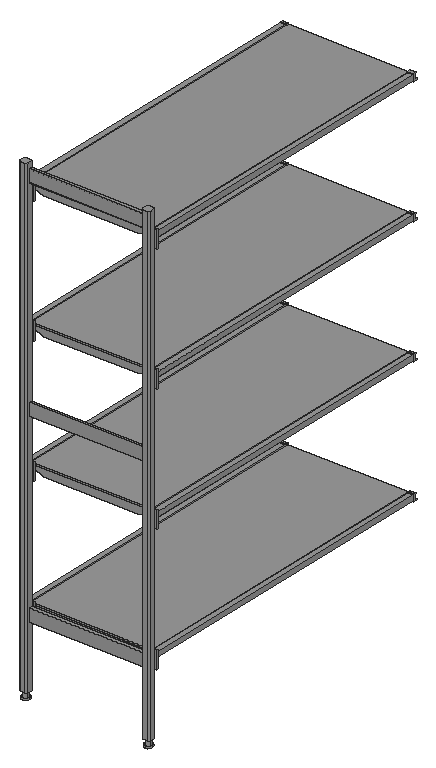
Revit family "QF_ELECTROLUXPROFESSIONAL_137075_CLS1184", category Attrezzature speciali, Revit 2020
Family settings
  Quota connettore circolare = Usa diametro
  Tipo di parte = Normale
  Basato su piano di lavoro = No
  Sempre verticale = Sì
  Taglio con vuoti quando caricato = No
  Condiviso = No
  Punto di calcolo locali = No
Parameters (values of type "Standard")
  Weight = 21.00 kg
  Watts = 0 W
  Volts = 0 V
  URL Manufacturer = "https://www.electroluxprofessional.com/"
  URL = "https://www.electroluxprofessional.com/"
  Steam Supply Size = 0 mm
  Steam Supply Minimum Pressure = 0.0 Pa
  Steam Supply Maximum Pressure = 0.0 Pa
  Steam Consumption per Hour = 0
  Refrigeration Suction Line Size = 0.0 mm
  Refrigeration Liquid Line Size = 0.0 mm
  Refrigerant Compressor Remote = yes
  Prospetto di default = 0.0 mm
  Phase = 0
  Modello = "CLS1184"
  Produttore = "Electrolux Professional"
  Length Actual = 1188.0 mm  # constant formula
  Item Number = "137075"
  Hot Water Size = 0 mm
  Height Actual = 1700.0 mm  # constant formula
  HP = "0 HP"
  Gas Size = 0 mm
  Gas KW = 0
  Gas Input Pressure = 0 W
  Direct Waste Size = 0 mm
  Descrizione = "ALUM.CORNER SHELV.-POLY.TIERS-475X1188MM"
  Depth Actual = 475.0 mm  # constant formula
  Cycle = 0 Hz
  Condensate Return Size = 0 mm
  Compressed Air Volume = 0.0 L/s
  Compressed Air Size = 0 mm
  Compressed Air Pressure = 0.0 Pa
  Cold Water Size = 0 mm
  Accessory = yes
Reference planes
  plane 1: z = 0
  plane 2 "Center (F/B)": y = -163.5
  plane 3 "Front": y = -549.5
  plane 4 "Left": x = -217.5
  plane 5 "Right": x = 257.5
  plane 6 "TOP": z = 1700
  plane 7: y = -517.5
  plane 8: y = 634.5
  plane 9 "Center (Left/Right)": x = 20
  plane 10: y = 629.5
  plane 11: x = -186
  plane 12: x = 226
  plane 13 "FEET": z = 25
  plane 14: z = 275
  plane 15: z = 725
  plane 16: z = 1175
  plane 17: z = 1625
  plane 18 "CXLeft": y = -535.5
  plane 19: x = -200
  plane 20 "CYBack": x = -200
  plane 21 "CYFront": x = 138
  plane 22 "Back": y = 638.5
  plane 23 "LEFT_ORIGIN": x = -251.5
  plane 24 "BACK_Origin": y = 1113.5
Forms (mm)
  Extrusion 1, solid, material "QF_Aluminum"
    sketch origin (0, -549.5, 0) x (-1, 0, 0) y (0, 0, 1)
      loop
        line (198.5, 1650.994) -> (198.5, 1632.998) -> (217.5, 1632.998) -> (217.5, 1650.994) -> (198.5, 1650.994)
      loop
        line (-238.5, 1650.994) -> (-257.5, 1650.994) -> (-257.5, 1632.998) -> (-238.5, 1632.998) -> (-238.5, 1650.994)
      loop
        line (198.5, 1200.994) -> (198.5, 1182.998) -> (217.5, 1182.998) -> (217.5, 1200.994) -> (198.5, 1200.994)
      loop
        line (-238.522, 1200.994) -> (-257.5, 1200.994) -> (-257.5, 1182.998) -> (-238.522, 1182.998) -> (-238.522, 1200.994)
      loop
        line (198.5, 750.994) -> (198.5, 732.998) -> (217.5, 732.998) -> (217.5, 750.994) -> (198.5, 750.994)
      loop
        line (-238.522, 750.994) -> (-257.5, 750.994) -> (-257.5, 732.998) -> (-238.522, 732.998) -> (-238.522, 750.994)
      loop
        line (198.5, 300.994) -> (198.5, 282.998) -> (217.5, 282.998) -> (217.5, 300.994) -> (198.5, 300.994)
      loop
        line (-238.522, 300.994) -> (-257.5, 300.994) -> (-257.5, 282.998) -> (-238.522, 282.998) -> (-238.522, 300.994)
    from 32 to 1184
  Extrusion 2, solid, material "QF_Polyethylene"
    sketch origin (0, -549.5, 0) x (-1, 0, 0) y (0, 0, 1)
      loop
        line (196.507, 1650.994) -> (-236.522, 1650.994) -> (-236.522, 1644.496) -> (196.507, 1644.496) -> (196.507, 1650.994)
      loop
        line (196.507, 1200.994) -> (-236.522, 1200.994) -> (-236.522, 1194.496) -> (196.507, 1194.496) -> (196.507, 1200.994)
      loop
        line (196.507, 750.994) -> (-236.522, 750.994) -> (-236.522, 744.496) -> (196.507, 744.496) -> (196.507, 750.994)
      loop
        line (196.507, 300.994) -> (-236.522, 300.994) -> (-236.522, 294.496) -> (196.507, 294.496) -> (196.507, 300.994)
    from 32 to 1184
Lines and regions (mm)
  symbolic lines
    curve 1: line (-198.5, 634.5, 1700) -> (-198.5, -517.5, 1700)
    curve 2: line (-217.5, -521.5, 1700) -> (-217.5, 634.5, 1700)
    curve 3: line (257.5, -521.5, 1700) -> (257.5, 634.5, 1700)
    curve 4: line (-181.507, -517.5, 1700) -> (221.507, -517.5, 1700)
    curve 5: line (238.522, -517.5, 1700) -> (238.522, 634.5, 1700)
    curve 6: line (-198.5, 634.5, 1700) -> (238.522, 634.5, 1700)
Dimensions and locks
  plane 3 "Front" to plane 2 "Center (F/B)" = 386.0 mm
  locked: plane 6 "TOP" to level at 1700
  locked: plane 4 "Left" to plane 5 "Right" at 475
  locked: plane 7 to plane 8 at 1152
  locked: plane 3 "Front" to plane 7 at 32
  plane 10 to plane 8 = 5.0 mm
  locked: plane 11 to plane 12 at 412
  equal spacing: plane 11, plane 9 "Center (Left/Right)", plane 12
  equal spacing: plane 4 "Left", plane 9 "Center (Left/Right)", plane 5 "Right"
  plane 13 "FEET" to level = 25.0 mm
  plane 6 "TOP" to plane 13 "FEET" = 1675.0 mm
  plane 14 to plane 13 "FEET" = 250.0 mm
  plane 15 to plane 14 = 450.0 mm
  plane 16 to plane 15 = 450.0 mm
  plane 17 to plane 16 = 450.0 mm
  locked: plane 3 "Front" to plane 18 "CXLeft" at 14
  locked: plane 3 "Front" to plane 22 "Back" at 1188
  plane 23 "LEFT_ORIGIN" to plane 5 "Right" = 509.0 mm
  locked: plane 22 "Back" to plane 24 "BACK_Origin" at 475
  aligned and locked: level to plane 1
  aligned and locked: Extrusion 2 to plane 7
  aligned and locked: plane 8 to Extrusion 2
  aligned and locked: Extrusion 1 to plane 7
  aligned and locked: plane 8 to Extrusion 1
  aligned and locked: Extrusion 1 sketch curve to Extrusion 1 sketch curve  (x2)
  aligned and locked: plane 18 "CXLeft" to nested 1
  aligned and locked: nested 2 to plane 10
Automatic sketch dimensions
  curve 2 to plane 4 "Left" = 0.0 mm
  curve 3 to plane 5 "Right" = 0.0 mm
  plane 7 to curve 1 = 0.0 mm
  plane 7 to curve 4 = 0.0 mm
  plane 7 to curve 5 = 0.0 mm
  plane 8 to curve 2 = 0.0 mm
  plane 8 to curve 1 = 0.0 mm
  plane 8 to curve 3 = 0.0 mm
  curve 5 to plane 21 "CYFront" = 100.522 mm
  plane 19 to curve 6 = 1.5 mm
  plane 7 to curve 3 = 4.0 mm
  plane 7 to curve 2 = 4.0 mm
  plane 12 to curve 4 = 4.493 mm
  curve 4 to plane 11 = 4.493 mm
  plane 5 "Right" to Extrusion 1 sketch curve = 0.0 mm  (x4)
  plane 4 "Left" to Extrusion 1 sketch curve = 0.0 mm  (x4)
  Extrusion 1 sketch curve to plane 21 "CYFront" = 100.522 mm
  Extrusion 1 sketch curve to plane 21 "CYFront" = 100.5 mm
  plane 19 to Extrusion 1 sketch curve = 1.5 mm  (x4)
  plane 14 to Extrusion 1 sketch curve = 7.998 mm  (x2)
  Extrusion 1 sketch curve to Extrusion 1 sketch curve = 17.997 mm  (x8)
  plane 15 to Extrusion 1 sketch curve = 7.998 mm  (x2)
  plane 16 to Extrusion 1 sketch curve = 7.998 mm  (x2)
  plane 17 to Extrusion 1 sketch curve = 7.998 mm  (x2)
  Extrusion 2 sketch curve to plane 21 "CYFront" = 98.522 mm  (x4)
  plane 19 to Extrusion 2 sketch curve = 3.493 mm  (x4)
  plane 14 to Extrusion 2 sketch curve = 19.496 mm
  Extrusion 2 sketch curve to Extrusion 2 sketch curve = 6.499 mm  (x4)
  plane 15 to Extrusion 2 sketch curve = 19.496 mm
  plane 16 to Extrusion 2 sketch curve = 19.496 mm
  plane 17 to Extrusion 2 sketch curve = 19.496 mm
Nested families
  nested 1: "WT_Anta475" at (-194.5, -132.5, 0) x (0, 1, 0) z (0, 0, 1), type "WT_Anta475"
  nested 2: "WT_Aggancio475" at (-194.5, 1046.5, 0) x (0, 1, 0) z (0, 0, 1), type "WT_Aggancio475"
Definition of nested family "WT_Anta475"
  Parameters
    WidthLeft = A + 64.0 mm  # 772.0 mm
    Width = 1606.0 mm
    Right = WidthLeft / 2  # 386.0 mm
    Default Elevation = 0.0 mm
    Left = -WidthLeft / 2  # -386.0 mm
    Height = 1725.0 mm
    FEET = 25.0 mm
    E = 0.0 mm
    Dint = Depth - 63.0 mm  # 412.0 mm
    Dext = Depth - 8.0 mm  # 467.0 mm
    Depth = 475.0 mm
    DX = (WidthLeft - A) / 2  # 32.0 mm
    B = 798.0 mm
    A = 708.0 mm
  Reference planes
    plane 1: z = 0
    plane 2 "LEFT": x = -417
    plane 3 "BACK": y = 23
    plane 4 "FRONT": y = -452
    plane 5 "TOP": z = 1725
    plane 6 "Center (Front/Back)": y = -214.5
    plane 7: y = -8.5
    plane 8: y = -420.5
    plane 9 "FEET": z = 25
    plane 10: z = 275
    plane 11: z = 725
    plane 12: z = 1175
    plane 13: z = 1625
    plane 14 "CXLeft": x = -403
    plane 15: y = 5.5
    plane 16 "CYBack": y = 5.5
    plane 17 "CYFront": y = -434.5
    plane 18: x = -385.031
    plane 19: x = -380.031
  Forms (mm)
    Extrusion 1, solid
      sketch origin (0, 0, 0) x (1, 0, 0) y (0, 1, 0)
        loop
          line (-417, 13.246) -> (-417, -2.246) -> (-410.746, -8.5) -> (-395.254, -8.5) -> (-389, -2.246) -> (-389, 13.246) -> (-395.254, 19.5) -> (-410.746, 19.5) -> (-417, 13.246)
      from 1725 to 25
    Extrusion 2, solid
      sketch origin (-417, 0, 0) x (0, 1, 0) y (0, 0, 1)
        loop
          line (23, 246.005) -> (23, 307.993) -> (-12.993, 307.993) -> (-12.993, 246.005) -> (23, 246.005)
        loop
          line (-452, 246.005) -> (-416.007, 246.005) -> (-416.007, 307.993) -> (-452, 307.993) -> (-452, 246.005)
        loop
          line (23, 696.005) -> (23, 757.993) -> (-12.993, 757.993) -> (-12.993, 696.005) -> (23, 696.005)
        loop
          line (-452, 696.005) -> (-416.007, 696.005) -> (-416.007, 757.993) -> (-452, 757.993) -> (-452, 696.005)
        loop
          line (23, 1146.005) -> (23, 1207.993) -> (-12.993, 1207.993) -> (-12.993, 1146.005) -> (23, 1146.005)
        loop
          line (-452, 1146.005) -> (-416.007, 1146.005) -> (-416.007, 1207.993) -> (-452, 1207.993) -> (-452, 1146.005)
        loop
          line (23, 1596.005) -> (23, 1657.993) -> (-12.993, 1657.993) -> (-12.993, 1596.005) -> (23, 1596.005)
        loop
          line (-452, 1596.005) -> (-416.007, 1596.005) -> (-416.007, 1657.993) -> (-452, 1657.993) -> (-452, 1596.005)
      from 28 to 32
    Revolve 3, solid
      sketch origin (-403, 0, 0) x (0, 1, 0) y (0, 0, 1)
        loop
          line (5.5, 25) -> (5.5, 0) -> (19, 0) -> (19, 5) -> (14, 5) -> (14, 25) -> (5.5, 25)
        axis (5.5, 25) -> (5.5, 0)
      angle from 0 to 360
    Extrusion 4, solid
      sketch origin (-403, 0, 0) x (0, 1, 0) y (0, 0, 1)
        loop
          line (-8.5, 912.382) -> (-8.5, 957.374) -> (-420.5, 957.374) -> (-420.5, 912.382) -> (-8.5, 912.382)
        loop
          line (-8.5, 1662.244) -> (-8.5, 1707.236) -> (-420.5, 1707.236) -> (-420.5, 1662.244) -> (-8.5, 1662.244)
      from -5 to 5
    Revolve 5, solid
      sketch origin (-403, -627, 0) x (0, -1, 0) y (0, 0, 1)
        loop
          line (-192.5, 25) -> (-192.5, 0) -> (-179, 0) -> (-179, 5) -> (-184, 5) -> (-184, 25) -> (-192.5, 25)
        axis (-192.5, 25) -> (-192.5, 0)
      angle from 0 to 360
    Extrusion 6, solid
      sketch origin (0, -627, 0) x (1, 0, 0) y (0, 1, 0)
        loop
          line (-417, 184.754) -> (-410.746, 178.5) -> (-395.254, 178.5) -> (-389, 184.754) -> (-389, 200.246) -> (-395.254, 206.5) -> (-410.746, 206.5) -> (-417, 200.246) -> (-417, 184.754)
      from 1725 to 25
    Extrusion 7, solid
      sketch origin (-417.031, -0.022, 0) x (0, 1, 0) y (0, 0, -1)
        loop
          line (-12, -1632.998) -> (-46, -1620.994) -> (-383, -1620.994) -> (-417, -1632.998) -> (-433, -1632.998) -> (-433, -1650.994) -> (-431, -1650.994) -> (-431, -1644.496) -> (2.007, -1644.496) -> (2.007, -1650.994) -> (4, -1650.994) -> (4, -1632.998) -> (-12, -1632.998)
        loop
          line (-12, -1182.998) -> (-46, -1170.994) -> (-383, -1170.994) -> (-417, -1182.998) -> (-433, -1182.998) -> (-433, -1200.994) -> (-431, -1200.994) -> (-431, -1194.496) -> (2.007, -1194.496) -> (2.007, -1200.994) -> (4, -1200.994) -> (4, -1182.998) -> (-12, -1182.998)
        loop
          line (-12, -732.998) -> (-46, -720.994) -> (-383, -720.994) -> (-417, -732.998) -> (-433, -732.998) -> (-433, -750.994) -> (-431, -750.994) -> (-431, -744.496) -> (2.007, -744.496) -> (2.007, -750.994) -> (4, -750.994) -> (4, -732.998) -> (-12, -732.998)
        loop
          line (-12, -282.998) -> (-46, -270.994) -> (-383, -270.994) -> (-417, -282.998) -> (-433, -282.998) -> (-433, -300.994) -> (-431, -300.994) -> (-431, -294.496) -> (2.007, -294.496) -> (2.007, -300.994) -> (4, -300.994) -> (4, -282.998) -> (-12, -282.998)
      from -32 to -37
    Extrusion 8, solid
      sketch origin (-403, 0, -659.878) x (0, 1, 0) y (0, 0, 1)
        loop
          line (-8.5, 912.382) -> (-8.5, 957.374) -> (-420.5, 957.374) -> (-420.5, 912.382) -> (-8.5, 912.382)
        loop
          line (-8.5, 1572.382) -> (-8.5, 1617.374) -> (-420.5, 1617.374) -> (-420.5, 1572.382) -> (-8.5, 1572.382)
        loop
          line (-8.5, 2322.382) -> (-8.5, 2367.374) -> (-420.5, 2367.374) -> (-420.5, 2322.382) -> (-8.5, 2322.382)
      from -5 to 5
  Lines and regions (mm)
    symbolic lines
      curve 1: line (-408, -8.5, 1725) -> (-408, -420.5, 1725)
      curve 2: line (-398, -420.5, 1725) -> (-398, -8.5, 1725)
      curve 3: line (-395.254, -8.5, 1725) -> (-410.746, -8.5, 1725)
      curve 4: line (-417, -2.246, 1725) -> (-410.746, -8.5, 1725)
      curve 5: line (-417, 13.246, 1725) -> (-417, -2.246, 1725)
      curve 6: line (-410.746, 19.5, 1725) -> (-417, 13.246, 1725)
      curve 7: line (-395.254, 19.5, 1725) -> (-410.746, 19.5, 1725)
      curve 8: line (-389, 13.246, 1725) -> (-395.254, 19.5, 1725)
      curve 9: line (-395.254, -8.5, 1725) -> (-389, -2.246, 1725)
      curve 10: line (-395.254, -420.5, 1725) -> (-410.746, -420.5, 1725)
      curve 11: line (-417, -426.754, 1725) -> (-410.746, -420.5, 1725)
      curve 12: line (-410.746, -448.5, 1725) -> (-417, -442.246, 1725)
      curve 13: line (-395.254, -448.5, 1725) -> (-410.746, -448.5, 1725)
      curve 14: line (-389, -442.246, 1725) -> (-395.254, -448.5, 1725)
      curve 15: line (-395.254, -420.5, 1725) -> (-389, -426.754, 1725)
      curve 16: line (-389, -452, 1725) -> (-389, -416.007, 1725)
      curve 17: line (-389, -416.007, 1725) -> (-385, -416.007, 1725)
      curve 18: line (-389, 23, 1725) -> (-389, -12.993, 1725)
      curve 19: line (-389, -12.993, 1725) -> (-385, -12.993, 1725)
      curve 20: line (-417, -426.754, 1725) -> (-417, -442.246, 1725)
      curve 21: line (-385, -452, 1725) -> (-385, -416.007, 1725)
      curve 22: line (-385, -452, 1725) -> (-389, -452, 1725)
      curve 23: line (-385, 23, 1725) -> (-389, 23, 1725)
      curve 24: line (-385, -12.993, 1725) -> (-385, 23, 1725)
      curve 25: line (-385.031, -13.016, 1725) -> (-385.031, -416.029, 1725)
  Dimensions and locks
    "Height": plane 5 "TOP" to level
    "Depth": plane 3 "BACK" to plane 4 "FRONT"
    "Dint": plane 7 to plane 8
    equal spacing: plane 7, plane 6 "Center (Front/Back)", plane 8
    equal spacing: plane 3 "BACK", plane 6 "Center (Front/Back)", plane 4 "FRONT"
    plane 9 "FEET" to level = 25.0 mm
    plane 5 "TOP" to plane 9 "FEET" = 1700.0 mm
    plane 10 to plane 9 "FEET" = 250.0 mm
    plane 11 to plane 10 = 450.0 mm
    plane 12 to plane 11 = 450.0 mm
    plane 13 to plane 12 = 450.0 mm
    locked: plane 2 "LEFT" to plane 14 "CXLeft" at 14
    locked: plane 3 "BACK" to plane 16 "CYBack" at 17.5
    locked: plane 17 "CYFront" to plane 4 "FRONT" at 17.5
    locked: Revolve 3 sketch curve to Revolve 3 sketch curve at 8.5
    locked: Revolve 3 sketch curve to plane 16 "CYBack" at 13.5
    locked: Revolve 5 sketch curve to Revolve 5 sketch curve at 8.5
    aligned and locked: level to plane 1
    aligned and locked: curve 20 to Extrusion 6
    aligned and locked: plane 5 "TOP" to Extrusion 1
    aligned and locked: plane 5 "TOP" to Extrusion 6
    aligned and locked: Extrusion 7 sketch curve to Extrusion 7 sketch curve  (x3)
  Automatic sketch dimensions
    curve 16 to plane 4 "FRONT" = 0.0 mm
    curve 11 to plane 8 = 0.0 mm
    curve 9 to plane 7 = 0.0 mm
    curve 5 to plane 2 "LEFT" = 0.0 mm
    curve 23 to plane 3 "BACK" = 0.0 mm
    plane 4 "FRONT" to curve 13 = 3.5 mm
    curve 20 to plane 17 "CYFront" = 7.746 mm
    curve 20 to plane 8 = 6.254 mm
    plane 8 to curve 16 = 4.493 mm
    curve 24 to plane 18 = 0.031 mm
    curve 24 to plane 7 = 4.493 mm
    plane 7 to curve 5 = 6.254 mm
    curve 5 to plane 15 = 7.746 mm
    curve 6 to plane 3 "BACK" = 3.5 mm
    curve 21 to plane 18 = 0.031 mm
    plane 18 to curve 23 = 3.969 mm
    plane 18 to curve 16 = 3.969 mm
    curve 18 to curve 8 = 6.254 mm
    curve 18 to curve 3 = 6.254 mm
    curve 16 to curve 13 = 6.254 mm
    curve 16 to curve 15 = 6.254 mm
    plane 2 "LEFT" to curve 10 = 6.254 mm
    plane 2 "LEFT" to curve 7 = 6.254 mm
    plane 2 "LEFT" to curve 12 = 6.254 mm
    plane 2 "LEFT" to curve 3 = 6.254 mm
    curve 14 to plane 17 "CYFront" = 7.746 mm
    curve 15 to plane 8 = 6.254 mm
    plane 7 to curve 9 = 6.254 mm
    curve 8 to plane 15 = 7.746 mm
    curve 3 to curve 2 = 2.746 mm
    curve 1 to curve 10 = 2.746 mm
    Extrusion 1 sketch curve to plane 2 "LEFT" = 0.0 mm
    Extrusion 1 sketch curve to plane 7 = 0.0 mm
    plane 2 "LEFT" to Extrusion 1 sketch curve = 6.254 mm  (x2)
    plane 14 "CXLeft" to Extrusion 1 sketch curve = 7.746 mm  (x2)
    Extrusion 1 sketch curve to plane 3 "BACK" = 3.5 mm
    plane 18 to Extrusion 1 sketch curve = 3.969 mm
    plane 7 to Extrusion 1 sketch curve = 6.254 mm  (x2)
    Extrusion 1 sketch curve to plane 15 = 7.746 mm  (x2)
    Extrusion 2 sketch curve to plane 4 "FRONT" = 0.0 mm  (x4)
    Extrusion 2 sketch curve to plane 3 "BACK" = 0.0 mm  (x4)
    plane 8 to Extrusion 2 sketch curve = 4.493 mm  (x4)
    Extrusion 2 sketch curve to plane 7 = 4.493 mm  (x4)
    Extrusion 2 sketch curve to plane 10 = 28.995 mm  (x2)
    plane 10 to Extrusion 2 sketch curve = 32.993 mm  (x2)
    Extrusion 2 sketch curve to plane 11 = 28.995 mm  (x2)
    plane 11 to Extrusion 2 sketch curve = 32.993 mm  (x2)
    Extrusion 2 sketch curve to plane 12 = 28.995 mm  (x2)
    plane 12 to Extrusion 2 sketch curve = 32.993 mm  (x2)
    Extrusion 2 sketch curve to plane 13 = 28.995 mm  (x2)
    plane 13 to Extrusion 2 sketch curve = 32.993 mm  (x2)
    Revolve 3 sketch curve to plane 9 "FEET" = 0.0 mm  (x2)
    Revolve 3 sketch curve to plane 15 = 0.0 mm  (x2)
    Revolve 3 sketch curve to level = 0.0 mm
    level to Revolve 3 sketch curve = 5.0 mm
    Revolve 3 sketch curve to Revolve 3 sketch curve = 11.655 mm
    Extrusion 4 sketch curve to plane 8 = 0.0 mm  (x2)
    Extrusion 4 sketch curve to plane 7 = 0.0 mm  (x2)
    plane 11 to Extrusion 4 sketch curve = 187.382 mm
    Extrusion 4 sketch curve to Extrusion 4 sketch curve = 44.992 mm
    plane 13 to Extrusion 4 sketch curve = 37.244 mm
    Extrusion 4 sketch curve to plane 5 "TOP" = 17.764 mm
    Revolve 5 sketch curve to plane 9 "FEET" = 0.0 mm  (x2)
    Revolve 5 sketch curve to plane 17 "CYFront" = 0.0 mm  (x2)
    Revolve 5 sketch curve to level = 0.0 mm
    Revolve 5 sketch curve to plane 4 "FRONT" = 4.0 mm
    Revolve 5 sketch curve to Revolve 5 sketch curve = 5.0 mm
    level to Revolve 5 sketch curve = 11.655 mm
    Extrusion 6 sketch curve to plane 2 "LEFT" = 0.0 mm
    Extrusion 6 sketch curve to plane 8 = 0.0 mm
    Extrusion 6 sketch curve to plane 2 "LEFT" = 6.254 mm  (x2)
    Extrusion 6 sketch curve to plane 14 "CXLeft" = 7.746 mm  (x2)
    Extrusion 6 sketch curve to plane 4 "FRONT" = 3.5 mm
    Extrusion 6 sketch curve to plane 18 = 3.969 mm
    plane 8 to Extrusion 6 sketch curve = 6.254 mm  (x2)
    plane 17 "CYFront" to Extrusion 6 sketch curve = 7.746 mm  (x2)
    plane 17 "CYFront" to Extrusion 7 sketch curve = 1.478 mm  (x4)
    Extrusion 7 sketch curve to Extrusion 7 sketch curve = 2.0 mm
    plane 8 to Extrusion 7 sketch curve = 3.478 mm  (x4)
    Extrusion 7 sketch curve to plane 10 = 4.006 mm
    Extrusion 7 sketch curve to Extrusion 7 sketch curve = 34.0 mm  (x4)
    Extrusion 7 sketch curve to plane 11 = 4.006 mm
    Extrusion 7 sketch curve to plane 12 = 4.006 mm
    Extrusion 7 sketch curve to plane 13 = 4.006 mm
    Extrusion 7 sketch curve to plane 7 = 37.522 mm  (x4)
    Extrusion 7 sketch curve to plane 7 = 3.522 mm  (x4)
    plane 15 to Extrusion 7 sketch curve = 3.516 mm  (x4)
    plane 15 to Extrusion 7 sketch curve = 1.522 mm  (x4)
    plane 13 to Extrusion 7 sketch curve = 7.998 mm  (x2)
    Extrusion 7 sketch curve to Extrusion 7 sketch curve = 11.498 mm
    Extrusion 7 sketch curve to Extrusion 7 sketch curve = 6.499 mm  (x5)
    plane 12 to Extrusion 7 sketch curve = 25.994 mm  (x2)
    plane 12 to Extrusion 7 sketch curve = 7.998 mm  (x2)
    plane 11 to Extrusion 7 sketch curve = 25.994 mm  (x2)
    plane 11 to Extrusion 7 sketch curve = 7.998 mm  (x2)
    plane 10 to Extrusion 7 sketch curve = 25.994 mm  (x2)
    plane 10 to Extrusion 7 sketch curve = 7.998 mm  (x2)
    curve 25 to plane 18 = 0.0 mm
    plane 8 to curve 25 = 4.471 mm
    curve 25 to plane 7 = 4.516 mm
    Extrusion 8 sketch curve to plane 8 = 0.0 mm  (x3)
    Extrusion 8 sketch curve to plane 7 = 0.0 mm  (x3)
    Extrusion 8 sketch curve to plane 10 = 22.496 mm
    plane 10 to Extrusion 8 sketch curve = 22.496 mm
    plane 11 to Extrusion 8 sketch curve = 187.504 mm
    Extrusion 8 sketch curve to Extrusion 8 sketch curve = 44.992 mm
    plane 13 to Extrusion 8 sketch curve = 37.504 mm
    Extrusion 8 sketch curve to plane 5 "TOP" = 17.504 mm
Definition of nested family "WT_Aggancio475"
  Parameters
    WidthLeft = A + 64.0 mm  # 772.0 mm
    Width = 1606.0 mm
    Right = WidthLeft / 2  # 386.0 mm
    Default Elevation = 0.0 mm
    Left = -WidthLeft / 2  # -386.0 mm
    Height = 1725.0 mm
    FEET = 25.0 mm
    E = 0.0 mm
    Dint = Depth - 63.0 mm  # 412.0 mm
    Dext = Depth - 8.0 mm  # 467.0 mm
    Depth = 475.0 mm
    DX = (WidthLeft - A) / 2  # 32.0 mm
    B = 798.0 mm
    A = 708.0 mm
  Reference planes
    plane 1: z = 0
    plane 2 "LEFT": x = -417
    plane 3 "BACK": y = 23
    plane 4 "FRONT": y = -452
    plane 5 "TOP": z = 1725
    plane 6 "Center (Front/Back)": y = -214.5
    plane 7: y = -8.5
    plane 8: y = -420.5
    plane 9 "FEET": z = 25
    plane 10: z = 275
    plane 11: z = 725
    plane 12: z = 1175
    plane 13: z = 1625
    plane 14: y = 5.5
    plane 15 "CYBack": y = 5.5
    plane 16 "CYFront": y = -434.5
  Forms (mm)
    Extrusion 1, solid
      sketch origin (-380, -0.022, 0) x (0, 1, 0) y (0, 0, 1)
        loop
          line (-12, 1632.998) -> (4, 1632.998) -> (4, 1650.994) -> (2.007, 1650.994) -> (2.007, 1644.496) -> (-431, 1644.496) -> (-431, 1650.994) -> (-433, 1650.994) -> (-433, 1632.998) -> (-417, 1632.998) -> (-383, 1620.994) -> (-46, 1620.994) -> (-12, 1632.998)
        loop
          line (-12, 1182.998) -> (4, 1182.998) -> (4, 1200.994) -> (2.007, 1200.994) -> (2.007, 1194.496) -> (-431, 1194.496) -> (-431, 1200.994) -> (-433, 1200.994) -> (-433, 1182.998) -> (-417, 1182.998) -> (-383, 1170.994) -> (-46, 1170.994) -> (-12, 1182.998)
        loop
          line (-12, 732.998) -> (4, 732.998) -> (4, 750.994) -> (2.007, 750.994) -> (2.007, 744.496) -> (-431, 744.496) -> (-431, 750.994) -> (-433, 750.994) -> (-433, 732.998) -> (-417, 732.998) -> (-383, 720.994) -> (-46, 720.994) -> (-12, 732.998)
        loop
          line (-12, 282.998) -> (4, 282.998) -> (4, 300.994) -> (2.007, 300.994) -> (2.007, 294.496) -> (-431, 294.496) -> (-431, 300.994) -> (-433, 300.994) -> (-433, 282.998) -> (-417, 282.998) -> (-383, 270.994) -> (-46, 270.994) -> (-12, 282.998)
      from -32 to -37
    Extrusion 2, solid
      sketch origin (-793.062, -324.754, 6.5) x (1, 0, 0) y (0, 0, 1)
        loop
          line (385.062, 1644.496) -> (385.062, 1647.496) -> (376.062, 1647.496) -> (376.062, 1620.994) -> (390.031, 1620.994) -> (390.031, 1626.496) -> (381.062, 1626.496) -> (381.062, 1644.496) -> (385.062, 1644.496)
        loop
          line (385.062, 1194.496) -> (385.062, 1197.496) -> (376.062, 1197.496) -> (376.062, 1170.994) -> (390.031, 1170.994) -> (390.031, 1176.496) -> (381.062, 1176.496) -> (381.062, 1194.496) -> (385.062, 1194.496)
        loop
          line (385.062, 744.496) -> (385.062, 747.496) -> (376.062, 747.496) -> (376.062, 720.994) -> (390.031, 720.994) -> (390.031, 726.496) -> (381.062, 726.496) -> (381.062, 744.496) -> (385.062, 744.496)
        loop
          line (385.062, 294.496) -> (385.062, 297.496) -> (376.062, 297.496) -> (376.062, 270.994) -> (390.031, 270.994) -> (390.031, 276.496) -> (381.062, 276.496) -> (381.062, 294.496) -> (385.062, 294.496)
      from 108.268 to 127.246
    Extrusion 3, solid
      sketch origin (-793.062, 32.754, 6.5) x (1, 0, 0) y (0, 0, 1)
        loop
          line (385.062, 1644.496) -> (385.062, 1647.496) -> (376.062, 1647.496) -> (376.062, 1620.994) -> (390.031, 1620.994) -> (390.031, 1626.496) -> (381.062, 1626.496) -> (381.062, 1644.496) -> (385.062, 1644.496)
        loop
          line (385.062, 1194.496) -> (385.062, 1197.496) -> (376.062, 1197.496) -> (376.062, 1170.994) -> (390.031, 1170.994) -> (390.031, 1176.496) -> (381.062, 1176.496) -> (381.062, 1194.496) -> (385.062, 1194.496)
        loop
          line (385.062, 744.496) -> (385.062, 747.496) -> (376.062, 747.496) -> (376.062, 720.994) -> (390.031, 720.994) -> (390.031, 726.496) -> (381.062, 726.496) -> (381.062, 744.496) -> (385.062, 744.496)
        loop
          line (385.062, 294.496) -> (385.062, 297.496) -> (376.062, 297.496) -> (376.062, 270.994) -> (390.031, 270.994) -> (390.031, 276.496) -> (381.062, 276.496) -> (381.062, 294.496) -> (385.062, 294.496)
      from 9.754 to 28.776
  Lines and regions (mm)
    symbolic lines
      curve 1: line (-412, -452, 0) -> (-408, -452, 0)
      curve 2: line (-412, -433.022, 0) -> (-412, -452, 0)
      curve 3: line (-408, -433.022, 0) -> (-412, -433.022, 0)
      curve 4: line (-408, -452, 0) -> (-408, -433.022, 0)
      curve 5: line (-412, 3.978, 0) -> (-408, 3.978, 0)
      curve 6: line (-412, 23, 0) -> (-412, 3.978, 0)
      curve 7: line (-408, 23, 0) -> (-412, 23, 0)
      curve 8: line (-408, 3.978, 0) -> (-408, 23, 0)
  Dimensions and locks
    "Height": plane 5 "TOP" to level
    "Depth": plane 3 "BACK" to plane 4 "FRONT"
    "Dint": plane 7 to plane 8
    equal spacing: plane 7, plane 6 "Center (Front/Back)", plane 8
    equal spacing: plane 3 "BACK", plane 6 "Center (Front/Back)", plane 4 "FRONT"
    plane 9 "FEET" to level = 25.0 mm
    plane 5 "TOP" to plane 9 "FEET" = 1700.0 mm
    plane 10 to plane 9 "FEET" = 250.0 mm
    plane 11 to plane 10 = 450.0 mm
    plane 12 to plane 11 = 450.0 mm
    plane 13 to plane 12 = 450.0 mm
    locked: plane 3 "BACK" to plane 15 "CYBack" at 17.5
    locked: plane 16 "CYFront" to plane 4 "FRONT" at 17.5
    aligned and locked: level to plane 1
    aligned and locked: Extrusion 1 sketch curve to Extrusion 1 sketch curve  (x3)
  Automatic sketch dimensions
    plane 16 "CYFront" to Extrusion 1 sketch curve = 1.478 mm  (x4)
    Extrusion 1 sketch curve to Extrusion 1 sketch curve = 2.0 mm
    plane 8 to Extrusion 1 sketch curve = 3.478 mm  (x4)
    Extrusion 1 sketch curve to plane 10 = 4.006 mm
    Extrusion 1 sketch curve to Extrusion 1 sketch curve = 34.0 mm  (x4)
    Extrusion 1 sketch curve to plane 11 = 4.006 mm
    Extrusion 1 sketch curve to plane 12 = 4.006 mm
    Extrusion 1 sketch curve to plane 13 = 4.006 mm
    Extrusion 1 sketch curve to plane 7 = 37.522 mm  (x4)
    Extrusion 1 sketch curve to plane 7 = 3.522 mm  (x4)
    plane 14 to Extrusion 1 sketch curve = 3.516 mm  (x4)
    plane 14 to Extrusion 1 sketch curve = 1.522 mm  (x4)
    plane 10 to Extrusion 1 sketch curve = 7.998 mm  (x2)
    Extrusion 1 sketch curve to Extrusion 1 sketch curve = 11.498 mm  (x4)
    Extrusion 1 sketch curve to Extrusion 1 sketch curve = 6.499 mm  (x8)
    plane 11 to Extrusion 1 sketch curve = 7.998 mm  (x2)
    plane 12 to Extrusion 1 sketch curve = 7.998 mm  (x2)
    plane 13 to Extrusion 1 sketch curve = 7.998 mm  (x2)
    plane 2 "LEFT" to Extrusion 2 sketch curve = 0.0 mm  (x4)
    plane 13 to Extrusion 2 sketch curve = 7.996 mm
    plane 11 to Extrusion 2 sketch curve = 7.996 mm
    Extrusion 2 sketch curve to Extrusion 2 sketch curve = 5.0 mm  (x4)
    plane 11 to Extrusion 2 sketch curve = 2.494 mm
    plane 10 to Extrusion 2 sketch curve = 28.996 mm
    Extrusion 2 sketch curve to Extrusion 2 sketch curve = 3.0 mm  (x4)
    plane 10 to Extrusion 2 sketch curve = 7.996 mm
    plane 10 to Extrusion 2 sketch curve = 2.494 mm
    Extrusion 2 sketch curve to Extrusion 2 sketch curve = 18.0 mm  (x3)
    plane 12 to Extrusion 2 sketch curve = 2.494 mm
    plane 12 to Extrusion 2 sketch curve = 7.996 mm
    plane 13 to Extrusion 2 sketch curve = 2.494 mm
    plane 2 "LEFT" to Extrusion 3 sketch curve = 0.0 mm  (x4)
    plane 13 to Extrusion 3 sketch curve = 7.996 mm
    plane 11 to Extrusion 3 sketch curve = 7.996 mm
    Extrusion 3 sketch curve to Extrusion 3 sketch curve = 5.0 mm  (x4)
    plane 11 to Extrusion 3 sketch curve = 2.494 mm
    plane 10 to Extrusion 3 sketch curve = 28.996 mm
    Extrusion 3 sketch curve to Extrusion 3 sketch curve = 3.0 mm  (x4)
    plane 10 to Extrusion 3 sketch curve = 7.996 mm
    plane 10 to Extrusion 3 sketch curve = 2.494 mm
    Extrusion 3 sketch curve to Extrusion 3 sketch curve = 18.0 mm  (x3)
    plane 12 to Extrusion 3 sketch curve = 2.494 mm
    plane 12 to Extrusion 3 sketch curve = 7.996 mm
    plane 13 to Extrusion 3 sketch curve = 2.494 mm
    plane 2 "LEFT" to curve 1 = 5.0 mm
    plane 2 "LEFT" to curve 7 = 5.0 mm
    curve 1 to plane 16 "CYFront" = 17.5 mm
    curve 3 to plane 8 = 12.522 mm
    plane 7 to curve 5 = 12.478 mm
    curve 7 to plane 14 = 17.5 mm
    curve 5 to curve 5 = 4.0 mm
    curve 1 to curve 4 = 4.0 mm
    Extrusion 2 sketch curve to Extrusion 2 sketch curve = 4.0 mm  (x4)
    Extrusion 2 sketch curve to Extrusion 2 sketch curve = 8.969 mm  (x4)
    Extrusion 3 sketch curve to Extrusion 3 sketch curve = 4.0 mm  (x4)
    Extrusion 3 sketch curve to Extrusion 3 sketch curve = 8.969 mm  (x4)
